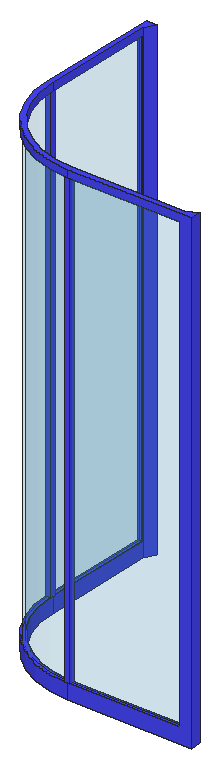
Revit family "IS_Connect_T9818_BIM_FR", category Plumbing Fixtures, host Face, Revit 2016
Family settings
  Host = Face
  Part Type = Normal
  Round Connector Dimension = Use Diameter
  OmniClass Number = 23.45.05.14.17.11
  OmniClass Title = Shower Compartments
  Cut with Voids When Loaded = No
  Shared = No
  Room Calculation Point = No
Parameters (values of type "T9818EO - CONNECT SPRCHOVY KOUT CTVRTKRUH 90 X 90 CM")
  ZoneDeMesure = "n/a"
  UrlDuFabricant = "www.idealspec.fr"
  UnitéMonétaire = "€"
  UnitéDeTemps = "An"
  UnitéDeMesure = "Millimètres"
  Uniclass2015Title = "n/a"
  Uniclass2015Code = "n/a"
  URL = "www.idealspec.fr"
  Téléphone = "01.49.38.28.00"
  TypeDImmobilisation = "n/a"
  Révision = "1"
  Référence = "n/a"
  Raccordement = "Plomberie"
  Profondeur = 0 mm
  PoidsNet = "0"
  PoidsBrut = "n/a"
  PiècesDétachées = "sav@idealstandard.com"
  PerformanceDeDurabilité = "n/a"
  PerformanceAccessibilité = "n/a"
  Nom = "n/a"
  Model = "T9818EO"
  Matériel = "n/a"
  Marque = "Ideal Standard"
  Manufacturer = "sav@idealstandard.com"
  Longueur = 0 mm
  LienUtile = "sav@idealstandard.com"
  Largeur = 0 mm
  InformationsProduit = "www.idealspec.fr"
  IfcExportType = "n/a"
  IfcExportAs = "n/a"
  Hauteur = 0 mm
  Grade = "n/a"
  GarantieDeTravail = "n/a"
  Forme = "Complexe"
  Finition = "n/a"
  Espace = "Interne"
  EffectuéPar = "n/a"
  DétailGarantie = "n/a"
  DébitL/Mn = "n/a"
  DuréeGarantie = "n/a"
  DuréeDeVie = "n/a"
  DuréeDeGarantieDesPièces = "n/a"
  DuréeDeGarantieDeTravail = "n/a"
  Dimensions = "0 x 0 x 0 mm"
  Description = "Cabine 90 cmverre Transparent"
  Default Elevation = 0 mm
  DateDeCréation = "43351"
  CoûtDeRemplacement = 0
  Couleur = "n/a"
  Cost = 0
  ContactGarantieDesPièces = "sav@idealstandard.com"
  ConseilsDInstallation = "0"
  Conformité = "NF"
  Composants = "n/a"
  CodeBarre = "n/a"
  Caractéristiques = "Cabine 90 cmverre Transparent"
  Bim-NomDuProjet = "ISI_IdealStandard_Connect_T9818"
  Assembly Code = "C1030200"
  Accessoires = "www.idealspec.fr"
Reference planes
  plane 1 "Center (Front/Back)": y = 0
  plane 2: z = 0
  plane 3 "Center (Left/Right)": x = 0
  plane 4: z = 1900
  plane 5: z = 1870
  plane 6: x = -895
  plane 7: y = -895
  plane 8: y = -45
  plane 9: x = -854
  plane 10: x = -45
  plane 11: y = -854
  plane 12: x = -505.5
  plane 13: y = -505.5
Forms (mm)
  Extrusion 1, solid, material "Aluminium-Polished"
    sketch origin (-155, -40, 0) x (0, -1, 0) y (1, 0, 0)
      loop
        line (-40, -740) -> (454, -740)
        arc (454, -740) -> (737.55, -622.55) -> (855, -339) r 401
        line (855, -339) -> (855, 155) -> (813.991, 155) -> (835, 109.946) -> (835, -339)
        arc (835, -339) -> (723.408, -608.408) -> (454, -720) r 381
        line (454, -720) -> (4.701, -720) -> (-40, -699.156) -> (-40, -740)
    from 0 to 1900
  Extrusion 2, solid, material "Glass", detail levels medium+fine
    sketch origin (-4547, -240, 60) x (0, 1, 0) y (-1, 0, 0)
      loop
        line (-635, -4502) -> (-635, -4050.113)
        arc (-635, -4050.113) -> (-523.791, -3781.63) -> (-255.308, -3670.421) r 379.692
        line (-255.308, -3670.421) -> (195, -3670.421) -> (195, -3662) -> (-259, -3662)
        arc (-259, -3662) -> (-531.943, -3775.057) -> (-645, -4048) r 386
        line (-645, -4048) -> (-645, -4502) -> (-635, -4502)
    from 0 to 1810
  Extrusion 3, solid, material "Aluminium-Polished", detail levels medium+fine
    sketch origin (-4587, -1116.408, 60) x (-1, 0, 0) y (0, 1, 0)
      loop
        line (-3712, 631) -> (-3712, 610.908) -> (-3692, 610.908) -> (-3692, 631) -> (-3712, 631)
    from 0 to -1810
  Extrusion 4, solid, material "Aluminium-Polished", detail levels medium+fine
    sketch origin (-4648.5, -240, 60) x (0, 1, 0) y (-1, 0, 0)
      loop
        line (-635, -4163) -> (-635, -4143) -> (-655, -4143) -> (-655, -4163) -> (-635, -4163)
    from 0 to 1810
  Extrusion 5, void
    sketch origin (25, 110.828, 1870) x (0, 1, 0) y (-1, 0, 0)
      loop
        arc (-980.828, 501.485) -> (-864.106, 783.278) -> (-582.314, 900) r 398.515
        line (-582.314, 900) -> (-155.828, 900) -> (-155.828, 921.35) -> (-617.606, 921.35)
        arc (-617.606, 921.35) -> (-894.084, 806.828) -> (-1008.606, 530.35) r 391
        line (-1008.606, 530.35) -> (-1008.606, 70) -> (-980.828, 70) -> (-980.828, 501.485)
    from 0 to -1810
Cuts and joins
  Extrusion 5 cuts Extrusion 1
Dimensions and locks
  plane 4 to level = 1900 mm
  plane 6 to plane 3 "Center (Left/Right)" = 895 mm
  plane 1 "Center (Front/Back)" to plane 7 = 895 mm
  aligned and locked: plane 2 to host face
  aligned and locked: level to host face
  aligned and locked: plane 4 to Extrusion 1
  aligned and locked: plane 3 "Center (Left/Right)" to Extrusion 1
  aligned and locked: Extrusion 1 to plane 1 "Center (Front/Back)"
  aligned and locked: Extrusion 5 to Extrusion 2
